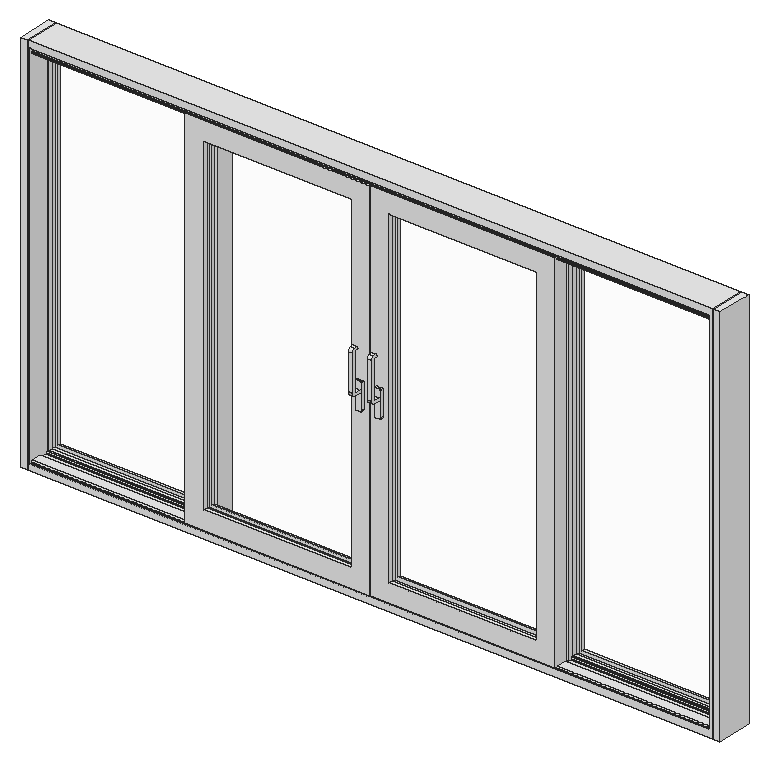
Revit family "heroal S 77 SL Sliding Door - 4-Parts - C", category Türen, Revit 2017
Family settings
  Basisbauteil = Wand
  OmniClass-Nummer = 23.30.10.00
  OmniClass-Titel = Doors
  Immer vertikal = Ja
  Beim Laden mit Abzugskörper schneiden = Nein
  Gemeinsam genutzt = Nein
  Raumberechnungspunkt = Ja
Parameters (values of type "4000x2200")
  Wind Load Resistance DIN EN 12210 = "C3/B3"
  Wall Thickness [instance] = 350 mm
  URL = "http://www.heroal.com"
  Tightness Against Driving Rain DIN EN 12208 = "9A"
  Soundproofing Class DIN EN ISO 717-1 = "1-3"
  Show Insulation in Detail Level Fine [instance] = yes
  Rough Width = Breite  # 4000 mm
  Rough Height = Height  # 2200 mm
  Reveal Top = 20 mm
  Reveal Right = 20 mm
  Reveal Left = 20 mm
  Profile View Width - Frame Profiles = "40 - 52mm"
  Profile View Width - Cross Bar Profiles = "74 - 104mm"
  Profile View Width - Casement Profiles = "104mm"
  Profile Installation Depth - Frame Profiles = "202mm"
  Profile Installation Depth - Cross Bar Profiles = "72mm"
  Profile Installation Depth - Casement Profiles = "77mm"
  Profile Area [instance] = (Breite - 20 mm) * (Height - 10 mm) - Glazing Area  # 1.90976 m²
  Modell = "heroal S 77 SL"  # constant formula
  Max. Thickness Of Glass/Infill Panel = "52mm"
  Max. Casement Weight = "300 - 400kg"
  Max. Casement Leaf Height = "3000mm"
  Hersteller = "heroal"  # constant formula
  Leaf Width Center = Breite / 4 + 52.5 mm  # 1052.5 mm
  Leaf Width = Breite / 4  # 1000 mm
  Insert Depth [instance] = 125 mm
  Height = 2200 mm
  Wandabschluss = Nach Basisbauteil
  Breite = 4000 mm
  Heat Insulation [Uw in W/m2K] DIN EN ISO 10077-1 = "> 0,82 W/m²K"
  Heat Insulation [Uf in W/m2K]/Standard Profile View DIN EN ISO 10077 = "> 1,2 W/m²K"
  Heat Insulation [Uf in W/m2K] DIN EN ISO 10077 = "> 1,2 W/m²K"
  Glazing Area [instance] = (Breite / 4 - 158 mm) * (Height - 318 mm) * 2 + (Breite / 4 - 124 mm) * (Height - 124 mm) * 2  # 6.80644 m²
  Glass = heroal Glass
  Edition number = 1
  Door Interior [instance] = heroal Aluminium
  Door Exterior [instance] = heroal Aluminium
  Beschreibung = "heroal S 77 SL Sliding Systems"  # constant formula
  Copyright = "© heroal. Technical changes reserved."  # constant formula
  Clearance Width [instance] = Breite / 3 - 104.3 mm  # 1229.033 mm
  Clearance Height [instance] = Height - 161 mm  # 2039 mm
  Calculated U-Value (W/m²K) [instance] = ((Profile Area / 1.00 m² * 1.96 m²) + (Glazing Area / 1.00 m² * 0.70 m²) + (21.70 m² * 0.04)) / (Profile Area + Glazing Area)  # 1.0757
  Burglary Resistance DIN V ENV 1627 = "up to RC 2"
  Baugruppenkennzeichen = "B2030110"
  Analytische Konstruktion = "<None>"
  Air Permeability DIN EN 12207 = "4"
Reference planes
  plane 1 "Center (Front/Back)": y = 0
  plane 2 "Axis 2": x = 850
  plane 3 "Left": x = -2150
  plane 4 "Right": x = 1850
  plane 5 "Sill": z = 0
  plane 6 "Head": z = 2200
  plane 7 "Exterior": y = 175
  plane 8 "Interior": y = -175
  plane 9: x = -2130
  plane 10: x = 1830
  plane 11 "Frame Exterior": y = 50
  plane 12: z = 2180
  plane 13 "Center (Elevation)": z = 1100
  plane 14 "Top Frame": z = 2190
  plane 15: z = -200
  plane 16: x = -2078
  plane 17 "Glass 1": x = -2094
  plane 18 "Glass 2": x = 816
  plane 19: x = 798
  plane 20: x = 902
  plane 21 "Glass 3": x = 886
  plane 22 "Glass Back 1": y = 35.5
  plane 23 "Glass Front 1": y = -4.5
  plane 24 "Glass Back 2": y = -89.5
  plane 25 "Glass Front 2": y = -129.5
  plane 26 "Glass Bottom": z = 130
  plane 27 "Glass Top": z = 2048
  plane 28 "Door Right": y = -75
  plane 29: x = 1785
  plane 30: x = -2085
  plane 31: x = 1350
  plane 32 "Handlle Edge": y = -152
  plane 33: z = 1050
  plane 34: x = -2140
  plane 35: x = 1840
  plane 36: x = -1650
  plane 37: x = 1794
  plane 38: x = -2100
  plane 39 "Axis 1": x = -1150
  plane 40: x = -1186
  plane 41: x = -1202
  plane 42: x = -1098
  plane 43: x = -1116
  plane 44 "Center (Left/Right)": x = -150
  plane 45: y = -252
  plane 46: x = 1800
  plane 47: x = 1778
  plane 48: x = -650
  plane 49: x = 350
  plane 50: x = -238.5
  plane 51: x = -256.5
  plane 52: x = -61.5
  plane 53: x = -43.5
  plane 54: x = -623.75
  plane 55: x = 323.75
  plane 56: x = -96
  plane 57: x = -204
Forms (mm)
  Extrusion 1, void
    sketch origin (0, 0, 0) x (1, 0, 0) y (0, 1, 0)
      loop
        line (-2150, -675) -> (1850, -675) -> (1850, 50) -> (-2150, 50) -> (-2150, -675)
    from -200 to 2200
  Extrusion 2, void
    sketch origin (0, 0, 0) x (1, 0, 0) y (0, 1, 0)
      loop
        line (-2130, 675) -> (-2130, 50) -> (1830, 50) -> (1830, 675) -> (-2130, 675)
    from 0 to 2180
  Sweep 3, solid, material "heroal Aluminium" <- "Door Interior"
    path origin (0, 50, 0) x (-1, 0, 0) y (0, 0, 1)
      loop
        line (-1850, 0) -> (-1850, 2190)
    profile "heroal_Profile_Frame : heroal_Profile_Frame" origin (1850, 50, 1095) x (1, 0, 0) y (0, 1, 0)
      loop
        line (-10, 0) -> (-50, 0) -> (-50, -202) -> (-10, -202) -> (-10, 0)
  Sweep 4, solid, material "heroal Aluminium" <- "Door Interior"
    path origin (0, 0, 0) x (0, -1, 0) y (1, 0, 0)
      loop
        line (-50, 850) -> (-50, 1800)
    profile "heroal_Profile_Bottom_Fixed : heroal_Profile_Bottom_Fixed" origin (1325, 50, 0) x (0, 1, 0) y (0, 0, 1)
      loop
        line (0, 30) -> (-77.125, 30) -> (-77.125, 52) -> (-89.589, 52) -> (-92.455, 44.125) -> (-92.49, 37.191) -> (-118.797, 38.8) -> (-132.5, 38.8) -> (-132.5, 43.868) -> (-135.409, 52) -> (-191.088, 52) -> (-193.955, 44.124) -> (-193.955, 39) -> (-202, 39) -> (-202, 0) -> (0, 0) -> (0, 30)
  Sweep 5, solid, material "heroal Aluminium" <- "Door Interior"
    path origin (0, 50, 0) x (-1, 0, 0) y (0, 0, 1)
      loop
        line (2150, 2155) -> (2150, 0)
    profile "heroal_Profile_Sided_Cover : heroal_Profile_Sided_Cover" origin (-2150, 50, 1077.5) x (-1, 0, 0) y (0, 1, 0)
      loop
        line (-65, -81) -> (-65, -202) -> (-50, -202) -> (-50, -81) -> (-65, -81)
  Sweep 6, solid, material "heroal Aluminium" <- "Door Interior"
    path origin (0, 50, 0) x (1, 0, 0) y (0, 0, 1)
      loop
        line (1850, 2155) -> (1850, 0)
    profile "heroal_Profile_Sided_Cover : heroal_Profile_Sided_Cover" origin (1850, 50, 1077.5) x (-1, 0, 0) y (0, 1, 0)
      loop
        line (65, -81) -> (50, -81) -> (50, -202) -> (65, -202) -> (65, -81)
  Sweep 7, solid, material "heroal Aluminium" <- "Door Interior"
    path origin (0, 50, 0) x (1, 0, 0) y (0, 0, 1)
      loop
        line (-2150, 0) -> (-2150, 2190)
    profile "heroal_Profile_Frame : heroal_Profile_Frame" origin (-2150, 50, 1095) x (1, 0, 0) y (0, 1, 0)
      loop
        line (10, 0) -> (10, -202) -> (50, -202) -> (50, 0) -> (10, 0)
  Sweep 8, solid, material "heroal Aluminium" <- "Door Interior"
    path origin (0, 50, 0) x (-1, 0, 0) y (0, 0, 1)
      loop
        line (-1800, 2200) -> (-850, 2200)
    profile "heroal_Profile_Frame_Top_Fixed : heroal_Profile_Frame_Top_Fixed" origin (1325, 50, 2200) x (0, 0, 1) y (0, 1, 0)
      loop
        line (-10, 0) -> (-50, 0) -> (-50, -77) -> (-37, -77) -> (-37, -148) -> (-73, -148) -> (-73, -194.288) -> (-68.168, -193.436) -> (-64.279, -186.7) -> (-45, -186.7) -> (-45, -202) -> (-10, -202) -> (-10, 0)
  Sweep 9, solid, material "heroal Aluminium" <- "Door Interior"
    path origin (-1220, 0, 0) x (0, -1, 0) y (1, 0, 0)
      loop
        line (-50, 70) -> (-50, 2070)
    profile "heroal_Profile_Bottom : heroal_Profile_Bottom" origin (-150, 50, 0) x (0, 1, 0) y (0, 0, 1)
      loop
        line (-135.409, 52) -> (-191.088, 52) -> (-193.955, 44.124) -> (-193.955, 39) -> (-202, 39) -> (-202, 0) -> (0, 0) -> (0, 52) -> (-108.409, 52) -> (-109.252, 38.216) -> (-118.797, 38.8) -> (-132.5, 38.8) -> (-132.5, 43.868) -> (-135.409, 52)
  Sweep 10, solid, material "heroal Aluminium" <- "Door Interior"
    path origin (-540, 50, 0) x (-1, 0, 0) y (0, 0, 1)
      loop
        line (-1390, 2200) -> (610, 2200)
    profile "heroal_Profile_Frame_Top : heroal_Profile_Frame_Top" origin (-150, 50, 2200) x (0, 0, 1) y (0, 1, 0)
      loop
        line (-10, 0) -> (-109, 0) -> (-109, -77) -> (-37, -77) -> (-37, -148) -> (-73, -148) -> (-73, -194.288) -> (-68.168, -193.436) -> (-64.279, -186.7) -> (-45, -186.7) -> (-45, -202) -> (-10, -202) -> (-10, 0)
  Sweep 11, solid, material "heroal Aluminium" <- "Door Interior"
    path origin (0, 50, 0) x (-1, 0, 0) y (0, 0, 1)
      loop
        line (-850, 2180) -> (-850, 0)
    profile "heroal_Profile_Center : heroal_Profile_Center" origin (850, 50, 1090) x (-1, 0, 0) y (0, 1, 0)
      loop
        line (-25, 0) -> (-25, -77) -> (-52, -77) -> (-52, -101) -> (52, -101) -> (52, 0) -> (-25, 0)
  Sweep 12, solid, material "heroal Aluminium" <- "Door Interior"
    path origin (-1200, 50, 0) x (1, 0, 0) y (0, 0, 1)
      loop
        line (50, 2180) -> (50, 0)
    profile "heroal_Profile_Center : heroal_Profile_Center" origin (-1150, 50, 1090) x (-1, 0, 0) y (0, 1, 0)
      loop
        line (25, 0) -> (-52, 0) -> (-52, -101) -> (52, -101) -> (52, -77) -> (25, -77) -> (25, 0)
  Sweep 13, solid, material "heroal Aluminium" <- "Door Interior"
    path origin (-300, 50, 0) x (1, 0, 0) y (0, 0, 1)
      loop
        line (-1800, 2200) -> (-850, 2200)
    profile "heroal_Profile_Frame_Top_Fixed : heroal_Profile_Frame_Top_Fixed" origin (-1625, 50, 2200) x (0, 0, -1) y (0, 1, 0)
      loop
        line (10, 0) -> (10, -202) -> (45, -202) -> (45, -186.7) -> (64.279, -186.7) -> (68.168, -193.436) -> (73, -194.288) -> (73, -148) -> (37, -148) -> (37, -77) -> (50, -77) -> (50, 0) -> (10, 0)
  Sweep 14, solid, material "heroal Aluminium" <- "Door Interior"
    path origin (-300, 0, 0) x (0, -1, 0) y (-1, 0, 0)
      loop
        line (-50, 850) -> (-50, 1800)
    profile "heroal_Profile_Bottom_Fixed : heroal_Profile_Bottom_Fixed" origin (-1625, 50, 0) x (0, -1, 0) y (0, 0, 1)
      loop
        line (0, 30) -> (0, 0) -> (202, 0) -> (202, 39) -> (193.955, 39) -> (193.955, 44.124) -> (191.088, 52) -> (135.409, 52) -> (132.5, 43.868) -> (132.5, 38.8) -> (118.797, 38.8) -> (92.49, 37.191) -> (92.455, 44.125) -> (89.589, 52) -> (77.125, 52) -> (77.125, 30) -> (0, 30)
Cuts and joins
  joined: Sweep 4, Sweep 5, Sweep 6, Sweep 8, Sweep 9, Sweep 10, Sweep 11, Sweep 12, Sweep 13, Sweep 14
Lines and regions (mm)
  Masking region 1
    outline origin (0, 0, 0) x (0, -1, 0) y (1, 0, 0)
      loop
        line (-35.5, -2094) -> (4.5, -2094) -> (4.5, -1186) -> (-35.5, -1186) -> (-35.5, -2094)
      loop
        line (-35.5, 886) -> (4.5, 886) -> (4.5, 1794) -> (-35.5, 1794) -> (-35.5, 886)
      loop
        line (89.5, 816) -> (89.5, -61.5) -> (129.5, -61.5) -> (129.5, 816) -> (89.5, 816)
      loop
        line (129.5, -1116) -> (129.5, -238.5) -> (89.5, -238.5) -> (89.5, -1116) -> (129.5, -1116)
  Masking region 2
    outline origin (0, 0, 0) x (0, -1, 0) y (1, 0, 0)
      loop
        line (152, 902) -> (152, 1794) -> (27, 1794) -> (27, 902) -> (152, 902)
      loop
        line (75, -1098) -> (75, 798) -> (-50, 798) -> (-50, -1098) -> (75, -1098)
      loop
        line (152, -1202) -> (27, -1202) -> (27, -2085) -> (152, -2085) -> (152, -1202)
  symbolic lines, detail levels medium+fine
    curve 1: line (-1116, -109.5, 0) -> (-238.5, -109.5, 0)
    curve 2: line (1794, 15.5, 0) -> (886, 15.5, 0)
    curve 5: line (-1100, -152, 0) -> (800, -152, 0)
    curve 7: line (-2094, 15.5, 0) -> (-1186, 15.5, 0)
    curve 8: line (-61.5, -109.5, 0) -> (816, -109.5, 0)
  symbolic lines
    curve 3: line (900, -152, 0) -> (1693, -152, 0)
    curve 4: line (798, 50, 0) -> (-2078, 50, 0)
    curve 6: line (-1202, -152, 0) -> (-2078, -152, 0)
Text (mm)
  text "EXTERIOR" at (-1963.203, 1332.353, 0), in view "Ref. Level"
  text "INTERIOR" at (-1981.466, -818.386, 0), in view "Ref. Level"
  text "Exterior" at (0, 923.751, 2943.296), in view "Right"
  text "Exterior" at (0, 1040.484, 2685.409), in view "Left"
Dimensions and locks
  "Breite": plane 3 "Left" to plane 4 "Right"
  "Height": plane 5 "Sill" to plane 6 "Head"
  locked: plane 7 "Exterior" to host wall at 0
  locked: plane 8 "Interior" to host wall
  "Insert Depth": plane 11 "Frame Exterior" to plane 7 "Exterior"
  "Reveal Top": plane 12 to plane 6 "Head"
  Extrusion 1 sketch curve to plane 8 "Interior" = 500 mm
  locked: plane 7 "Exterior" to Extrusion 2 sketch curve at 500
  "Reveal Left": plane 3 "Left" to plane 9
  "Reveal Right": plane 10 to plane 4 "Right"
  locked: plane 14 "Top Frame" to plane 6 "Head" at 10
  equal spacing: plane 5 "Sill", plane 13 "Center (Elevation)", plane 6 "Head"
  "Wall Thickness": host wall to host wall
  plane 15 to plane 5 "Sill" = 200 mm
  plane 11 "Frame Exterior" to plane 22 "Glass Back 1" to plane 23 "Glass Front 1" to plane 24 "Glass Back 2" to plane 25 "Glass Front 2" to plane 32 "Handlle Edge" = 14.5 mm, 40 mm, 85 mm, 40 mm, 22.5 mm
  locked: plane 22 "Glass Back 1" to curve 2 at 20
  plane 28 "Door Right" to plane 24 "Glass Back 2" to curve 1 = 14.5 mm locked, 20 mm locked
  locked: plane 27 "Glass Top" to plane 6 "Head" at 152
  plane 5 "Sill" to plane 26 "Glass Bottom" = 130 mm
  locked: plane 33 to plane 5 "Sill" at 1050
  locked: plane 3 "Left" to plane 34 at 10
  locked: plane 35 to plane 4 "Right" at 10
  plane 45 to Sweep 3 = 100 mm
  equal spacing: plane 3 "Left", plane 44 "Center (Left/Right)", plane 4 "Right"
  equal spacing: plane 3 "Left", plane 36, plane 39 "Axis 1"
  equal spacing: plane 2 "Axis 2", plane 31, plane 4 "Right"
  plane 3 "Left" to plane 38 to plane 17 "Glass 1" to plane 30 to plane 16 = 50 mm locked, 6 mm locked, 9 mm locked, 7 mm locked
  plane 47 to plane 29 to plane 37 to plane 46 to plane 4 "Right" = 7 mm locked, 9 mm locked, 6 mm locked, 50 mm locked
  plane 19 to plane 18 "Glass 2" to plane 2 "Axis 2" to plane 21 "Glass 3" to plane 20 = 18 mm locked, 34 mm locked, 36 mm locked, 16 mm locked
  plane 41 to plane 40 to plane 39 "Axis 1" to plane 43 to plane 42 = 16 mm locked, 36 mm locked, 34 mm locked, 18 mm locked
  equal spacing: plane 3 "Left", plane 39 "Axis 1", plane 44 "Center (Left/Right)"
  equal spacing: plane 44 "Center (Left/Right)", plane 2 "Axis 2", plane 4 "Right"
  equal spacing: plane 39 "Axis 1", plane 48, plane 44 "Center (Left/Right)"
  equal spacing: plane 44 "Center (Left/Right)", plane 49, plane 2 "Axis 2"
  plane 51 to plane 50 to plane 57 to plane 44 "Center (Left/Right)" to plane 56 to plane 52 to plane 53 = 18 mm locked, 34.5 mm locked, 54 mm locked, 54 mm locked, 34.5 mm locked, 18 mm locked
  locked: plane 48 to plane 54 at 26.25
  locked: plane 55 to plane 49 at 26.25
  aligned and locked: Extrusion 1 sketch curve to plane 3 "Left"
  aligned and locked: plane 4 "Right" to Extrusion 1 sketch curve
  aligned and locked: Extrusion 1 sketch curve to plane 11 "Frame Exterior"
  aligned: Extrusion 1 to plane 12
  aligned and locked: plane 11 "Frame Exterior" to Extrusion 2 sketch curve
  aligned and locked: plane 9 to Extrusion 2 sketch curve
  aligned and locked: Extrusion 2 sketch curve to plane 10
  aligned and locked: Extrusion 2 to plane 12
  aligned and locked: plane 5 "Sill" to Extrusion 2
  aligned and locked: Extrusion 1 to plane 6 "Head"
  aligned and locked: plane 4 "Right" to Sweep 3 sketch curve
  aligned and locked: Masking region 1 sketch curve to plane 22 "Glass Back 1"
  aligned and locked: Masking region 1 sketch curve to plane 23 "Glass Front 1"  (x2)
  aligned and locked: plane 11 "Frame Exterior" to Sweep 4 sketch curve
  aligned and locked: nested 1 to plane 31
  aligned and locked: nested 1 to plane 13 "Center (Elevation)"
  aligned and locked: plane 5 "Sill" to Sweep 5 sketch curve
  aligned and locked: plane 3 "Left" to Sweep 5 sketch curve
  aligned and locked: nested 3 to plane 32 "Handlle Edge"
  aligned and locked: plane 33 to nested 3
  aligned and locked: plane 5 "Sill" to Sweep 3 sketch curve
  aligned and locked: plane 5 "Sill" to Sweep 7 sketch curve
  aligned and locked: plane 14 "Top Frame" to Sweep 7 sketch curve
  aligned and locked: plane 14 "Top Frame" to Sweep 3 sketch curve
  aligned and locked: plane 6 "Head" to Sweep 8 sketch curve
  aligned and locked: plane 2 "Axis 2" to Sweep 8 sketch curve
  aligned and locked: plane 2 "Axis 2" to Sweep 10 sketch curve
  aligned and locked: plane 2 "Axis 2" to Sweep 9 sketch curve
  aligned and locked: plane 2 "Axis 2" to Sweep 4 sketch curve
  aligned and locked: plane 12 to Sweep 11 sketch curve
  aligned and locked: plane 5 "Sill" to Sweep 11 sketch curve
  aligned and locked: Sweep 11 sketch curve to plane 2 "Axis 2"
  aligned and locked: Sweep 12 sketch curve to plane 12
  aligned and locked: plane 5 "Sill" to Sweep 12 sketch curve
  aligned and locked: plane 39 "Axis 1" to Sweep 12 sketch curve
  aligned and locked: nested 6 to plane 36
  aligned and locked: nested 6 to plane 13 "Center (Elevation)"
  aligned and locked: nested 7 to plane 13 "Center (Elevation)"
  aligned and locked: plane 45 to nested 2
  aligned and locked: plane 39 "Axis 1" to Sweep 10 sketch curve
  aligned and locked: plane 39 "Axis 1" to Sweep 9 sketch curve
  aligned and locked: plane 38 to Sweep 13 sketch curve
  aligned and locked: plane 39 "Axis 1" to Sweep 13 sketch curve
  aligned and locked: plane 38 to Sweep 14 sketch curve
  aligned and locked: plane 39 "Axis 1" to Sweep 14 sketch curve
  aligned and locked: plane 3 "Left" to nested 8
  aligned and locked: plane 11 "Frame Exterior" to nested 8
  aligned and locked: plane 4 "Right" to nested 9
  aligned and locked: nested 9 to plane 11 "Frame Exterior"
  aligned and locked: plane 22 "Glass Back 1" to Masking region 1 sketch curve
  aligned and locked: plane 21 "Glass 3" to Masking region 1 sketch curve
  aligned and locked: plane 19 to Masking region 2 sketch curve
  aligned and locked: Masking region 2 sketch curve to plane 20
  aligned and locked: plane 37 to Masking region 2 sketch curve
  aligned and locked: Masking region 2 sketch curve to plane 41
  aligned and locked: plane 30 to Masking region 2 sketch curve
  aligned and locked: Masking region 1 sketch curve to plane 37
  aligned and locked: plane 2 "Axis 2" to nested 10
  aligned and locked: nested 10 to plane 11 "Frame Exterior"
  aligned and locked: nested 11 to plane 39 "Axis 1"
  aligned and locked: plane 11 "Frame Exterior" to nested 11
  aligned and locked: plane 37 to curve 2
  aligned and locked: nested 10 to curve 2
  aligned and locked: nested 8 to curve 7
  aligned and locked: nested 11 to curve 7
  aligned and locked: plane 17 "Glass 1" to Masking region 1 sketch curve
  aligned and locked: Masking region 1 sketch curve to plane 40
  aligned and locked: plane 18 "Glass 2" to Masking region 1 sketch curve
  aligned and locked: Masking region 1 sketch curve to plane 43
  aligned and locked: nested 10 to curve 8
  aligned and locked: curve 7 to curve 2
  aligned and locked: plane 36 to nested 4
  aligned and locked: plane 31 to nested 12
  aligned and locked: plane 11 "Frame Exterior" to nested 12
  aligned and locked: nested 4 to plane 11 "Frame Exterior"
  aligned and locked: nested 5 to plane 28 "Door Right"
  aligned and locked: Sweep 5 sketch curve to Sweep 13
  aligned and locked: Sweep 8 to Sweep 6 sketch curve
  aligned and locked: plane 46 to Sweep 8 sketch curve
  aligned and locked: plane 46 to Sweep 4 sketch curve
  aligned and locked: plane 5 "Sill" to Sweep 6 sketch curve
  aligned and locked: nested 11 to curve 5
  aligned and locked: nested 10 to curve 5
  aligned and locked: curve 5 to plane 32 "Handlle Edge"
  aligned and locked: plane 28 "Door Right" to nested 13
  aligned and locked: Masking region 1 sketch curve to plane 50
  aligned and locked: Masking region 1 sketch curve to plane 52
  aligned and locked: plane 24 "Glass Back 2" to Masking region 1 sketch curve  (x2)
  aligned and locked: Masking region 1 sketch curve to plane 25 "Glass Front 2"  (x2)
  aligned and locked: Masking region 1 to curve 8
  aligned and locked: Masking region 1 to curve 1
  aligned and locked: nested 14 to plane 44 "Center (Left/Right)"
  aligned and locked: nested 14 to plane 28 "Door Right"
  aligned and locked: plane 48 to nested 2
  aligned and locked: plane 45 to nested 15
  aligned and locked: nested 15 to plane 49
  aligned and locked: nested 5 to plane 55
  aligned and locked: nested 7 to plane 49
  aligned and locked: plane 48 to nested 17
  aligned and locked: nested 16 to nested 18
  aligned and locked: nested 3 to nested 16
  aligned and locked: nested 3 to plane 56
  aligned and locked: nested 18 to plane 57
  aligned and locked: plane 13 "Center (Elevation)" to nested 17
Automatic sketch dimensions
  plane 4 "Right" to Sweep 6 sketch curve = 0 mm
  plane 3 "Left" to Sweep 7 sketch curve = 0 mm
  Sweep 9 sketch curve to plane 11 "Frame Exterior" = 0 mm
  Sweep 14 sketch curve to plane 11 "Frame Exterior" = 0 mm
  Masking region 2 sketch curve to plane 42 = 0 mm
  plane 11 "Frame Exterior" to Masking region 2 sketch curve = 0 mm
  plane 23 "Glass Front 1" to Masking region 2 sketch curve = 22.5 mm  (x2)
  plane 28 "Door Right" to Masking region 2 sketch curve = 0 mm
  plane 32 "Handlle Edge" to Masking region 2 sketch curve = 0 mm  (x2)
  Sweep 10 sketch curve to plane 6 "Head" = 0 mm
  Sweep 13 sketch curve to plane 6 "Head" = 0 mm
  curve 4 to plane 16 = 0 mm
  curve 4 to plane 11 "Frame Exterior" = 0 mm
  curve 6 to plane 32 "Handlle Edge" = 0 mm  (x2)
  curve 1 to plane 43 = 0 mm
  curve 4 to plane 19 = 0 mm
  plane 11 "Frame Exterior" to curve 4 = 0 mm
  curve 8 to plane 24 "Glass Back 2" = 20 mm
  plane 32 "Handlle Edge" to curve 3 = 0 mm
  plane 16 to curve 6 = 0 mm
  curve 6 to plane 41 = 0 mm
  curve 3 to plane 20 = 2 mm
  curve 3 to plane 47 = 85 mm
Nested families
  nested 1: "heroal_Detail_Arrow" at (1350, 50, 1100) x (1, 0, 0) z (0, 1, 0), type "heroal_Detail_Arrow"
    with Fixed yes, Arrow no
  nested 2: "heroal_Detail_Arrow" at (-650, -252, 0) x (1, 0, 0) z (0, 0, -1), type "heroal_Detail_Arrow"
    with Fixed no, Arrow yes
  nested 3: "heroal_Handle" at (-96, -152, 1050), type "heroal_Handle"
  nested 4: "Leaf" at (-1650, 50, 0), Breite <- "Leaf Width", Height <- "Height", Door Exterior <- "Door Exterior", Door Interior <- "Door Interior", Glass <- "Glass", Show Insulation <- "Show Insulation in Detail Level Fine", type "Leaf"
    with Breite 1000 mm, Show Insulation yes, Interior no, Height 2200 mm, Glass heroal Glass, Fixed Glazing yes, Exterior yes, Door Interior heroal Aluminium, Door Exterior heroal Aluminium, Door no
  nested 5: "Leaf" at (323.75, -152, 0), Breite <- "Leaf Width Center", Height <- "Height", Door Exterior <- "Door Exterior", Door Interior <- "Door Interior", Glass <- "Glass", Show Insulation <- "Show Insulation in Detail Level Fine", type "Leaf"
    with Breite 1052.5 mm, Show Insulation yes, Interior yes, Height 2200 mm, Glass heroal Glass, Fixed Glazing no, Exterior no, Door Interior heroal Aluminium, Door Exterior heroal Aluminium, Door yes
  nested 6: "heroal_Detail_Arrow" at (-1650, 50, 1100) x (-1, 0, 0) z (0, 1, 0), type "heroal_Detail_Arrow"
    with Fixed yes, Arrow no
  nested 7: "heroal_Detail_Arrow" at (350, 50, 1100) x (-1, 0, 0) z (0, 1, 0), type "heroal_Detail_Arrow"
    with Fixed no, Arrow yes
  nested 8: "heroal_Detail_Frame_Left" at (-2150, 50, 0) x (1, 0, 0) z (0, 0, -1), type "heroal_Detail_Frame_Left"
  nested 9: "heroal_Detail_Frame_Left" at (1850, 50, 0) x (-1, 0, 0) z (0, 0, -1), type "heroal_Detail_Frame_Left"
  nested 10: "heroal_Detail_Frame_Center" at (850, 50, 0) x (-1, 0, 0) z (0, 0, -1), type "heroal_Detail_Frame_Center"
  nested 11: "heroal_Detail_Frame_Center" at (-1150, 50, 0) x (1, 0, 0) z (0, 0, -1), type "heroal_Detail_Frame_Center"
  nested 12: "Leaf" at (1350, 50, 0) x (-1, 0, 0) z (0, 0, 1), Breite <- "Leaf Width", Height <- "Height", Door Exterior <- "Door Exterior", Door Interior <- "Door Interior", Glass <- "Glass", Show Insulation <- "Show Insulation in Detail Level Fine", type "Leaf"
    with Breite 1000 mm, Show Insulation yes, Interior no, Height 2200 mm, Glass heroal Glass, Fixed Glazing yes, Exterior yes, Door Interior heroal Aluminium, Door Exterior heroal Aluminium, Door no
  nested 13: "heroal_Detail_Frame_Leaf" at (-204.5, -75, 0) x (1, 0, 0) z (0, 0, -1), type "heroal_Detail_Frame_Leaf"
  nested 14: "heroal_Detail_Frame_Leaf" at (-95.5, -75, 0) x (-1, 0, 0) z (0, 0, -1), type "heroal_Detail_Frame_Leaf"
  nested 15: "heroal_Detail_Arrow" at (350, -252, 0) x (-1, 0, 0) z (0, 0, -1), type "heroal_Detail_Arrow"
    with Fixed no, Arrow yes
  nested 16: "Leaf" at (-623.75, -152, 0) x (-1, 0, 0) z (0, 0, 1), Breite <- "Leaf Width Center", Height <- "Height", Door Exterior <- "Door Exterior", Door Interior <- "Door Interior", Glass <- "Glass", Show Insulation <- "Show Insulation in Detail Level Fine", type "Leaf"
    with Breite 1052.5 mm, Show Insulation yes, Interior yes, Height 2200 mm, Glass heroal Glass, Fixed Glazing no, Exterior no, Door Interior heroal Aluminium, Door Exterior heroal Aluminium, Door yes
  nested 17: "heroal_Detail_Arrow" at (-650, 50, 1100) x (1, 0, 0) z (0, 1, 0), type "heroal_Detail_Arrow"
    with Fixed no, Arrow yes
  nested 18: "heroal_Handle" at (-204, -152, 1050) x (-1, 0, 0) z (0, 0, 1), type "heroal_Handle"
Definition of nested family "heroal_Handle"
  Parameters (values of type "heroal_Handle")
    Assembly Code = ""
  Reference planes
    plane 1 "Center (Front/Back)": y = 0
    plane 2: z = 0
    plane 3 "Center (Left/Right)": x = 0
    plane 4 "Back": y = 77
  Forms (mm)
    Sweep 1, solid
      path origin (0, 0, 0) x (0, 1, 0) y (0, 0, -1)
        loop
          line (-6.292, -24.205) -> (-52.748, -28.27)
          arc (-52.748, -28.27) -> (-59.25, -31.476) -> (-61.877, -38.232) r 10
          line (-61.877, -38.232) -> (-61.877, -245.611)
          arc (-61.877, -245.611) -> (-59.81, -251.699) -> (-54.465, -255.271) r 10
          line (-54.465, -255.271) -> (-37.933, -259.7)
      profile origin (0, -46.199, 257.486) x (0, 0.258819, -0.965926) y (-1, 0, 0)
        loop
          line (7.5, -11.552) -> (7.5, 11.552) -> (-7.5, 11.552) -> (-7.5, -11.552) -> (7.5, -11.552)
    Extrusion 2, solid
      sketch origin (-132.182, 0, 0) x (1, 0, 0) y (0, 0, 1)
        loop
          arc (143.932, -76) -> (147.467, -74.536) -> (148.932, -71) r 5
          line (148.932, -71) -> (148.932, 71)
          arc (148.932, 71) -> (147.467, 74.536) -> (143.932, 76) r 5
          line (143.932, 76) -> (120.432, 76)
          arc (120.432, 76) -> (116.896, 74.536) -> (115.432, 71) r 5
          line (115.432, 71) -> (115.432, -71)
          arc (115.432, -71) -> (116.896, -74.536) -> (120.432, -76) r 5
          line (120.432, -76) -> (143.932, -76)
      from 0 to 14
    Extrusion 3, solid, detail levels medium+fine
      sketch origin (0, 77, 24.491) x (-1, 0, 0) y (0, 0, 1)
        loop
          arc (21, 50) -> (19.536, 53.536) -> (16, 55) r 5
          line (16, 55) -> (-16, 55)
          arc (-16, 55) -> (-19.536, 53.536) -> (-21, 50) r 5
          line (-21, 50) -> (-21, -98.983)
          arc (-21, -98.983) -> (-19.536, -102.518) -> (-16, -103.983) r 5
          line (-16, -103.983) -> (16, -103.983)
          arc (16, -103.983) -> (19.536, -102.518) -> (21, -98.983) r 5
          line (21, -98.983) -> (21, 50)
        loop
          line (-6.5, -37.457) -> (6.5, -37.457)
          arc (6.5, -37.457) -> (11.066, -35.566) -> (12.957, -31) r 6.457
          line (12.957, -31) -> (12.957, 31)
          arc (12.957, 31) -> (11.066, 35.566) -> (6.5, 37.457) r 6.457
          line (6.5, 37.457) -> (-6.5, 37.457)
          arc (-6.5, 37.457) -> (-11.066, 35.566) -> (-12.957, 31) r 6.457
          line (-12.957, 31) -> (-12.957, -31)
          arc (-12.957, -31) -> (-11.066, -35.566) -> (-6.5, -37.457) r 6.457
      from 0 to 3
    Extrusion 4, solid, detail levels medium+fine
      sketch origin (0, 77, 24.491) x (-1, 0, 0) y (0, 0, 1)
        loop
          line (-6.5, -37.457) -> (6.5, -37.457)
          arc (6.5, -37.457) -> (11.066, -35.566) -> (12.957, -31) r 6.457
          line (12.957, -31) -> (12.957, 31)
          arc (12.957, 31) -> (11.066, 35.566) -> (6.5, 37.457) r 6.457
          line (6.5, 37.457) -> (-6.5, 37.457)
          arc (-6.5, 37.457) -> (-11.066, 35.566) -> (-12.957, 31) r 6.457
          line (-12.957, 31) -> (-12.957, -31)
          arc (-12.957, -31) -> (-11.066, -35.566) -> (-6.5, -37.457) r 6.457
      from 0 to 1.5
  Cuts and joins
    joined: Sweep 1, Extrusion 2
  Lines and regions (mm)
    Masking region 1, detail levels medium+fine
      outline origin (-0.75, 0, 0) x (1, 0, 0) y (0, 1, 0)
        loop
          line (17.5, 0) -> (-16, 0) -> (-16, -14) -> (17.5, -14) -> (17.5, 0)
    Masking region 2, detail levels medium+fine
      outline origin (4.448, -14, 0) x (1, 0, 0) y (0, 1, 0)
        loop
          line (7.105, 0) -> (-16, 0) -> (-16, -50.352)
          arc (-16, -50.352) -> (-14.536, -53.887) -> (-11, -55.352) r 5
          line (-11, -55.352) -> (2.105, -55.352)
          arc (2.105, -55.352) -> (5.64, -53.887) -> (7.105, -50.352) r 5
          line (7.105, -50.352) -> (7.105, 0)
    symbolic lines, detail levels medium+fine
      curve 1: line (11.552, -39.875, 0) -> (-11.552, -39.875, 0)
      curve 2: line (11.552, -35.992, 0) -> (-11.552, -35.992, 0)
  Dimensions and locks
    aligned and locked: level to plane 2
Definition of nested family "Leaf"
  Parameters (values of type "Leaf")
    Width [instance] = 1500 mm
    Show Insulation [instance] = no
    Interior [instance] = yes
    Height [instance] = 2200 mm
    Glass [instance] = none
    Fixed Glazing [instance] = not(Door)  # yes
    Exterior [instance] = yes
    Door Interior [instance] = none
    Door Exterior [instance] = none
    Door [instance] = no
    Assembly Code = ""
    Analytic Construction = "<None>"
  Reference planes
    plane 1 "Back": y = 0
    plane 2 "Bottom": z = 0
    plane 3 "Center (Left/Right)": x = 0
    plane 4 "Left": x = -750
    plane 5 "Right": x = 750
    plane 6: z = 2200
    plane 7: z = 130
    plane 8: z = 2048
    plane 9: x = -609
    plane 10: x = 716
    plane 11: z = -22
    plane 12: z = 44
    plane 13: z = 2134
    plane 14: y = -77
    plane 15 "Fixed Left": x = -694
    plane 16 "Fixed Top": z = 2144
    plane 17 "Fixed Bottom": z = 36
  Forms (mm)
    Sweep 1, solid, material <- "Door Interior", visible <- "Door"
      path origin (0, 0, 0) x (1, 0, 0) y (0, 0, 1)
        loop
          line (-609, 2048) -> (-609, 130) -> (716, 130) -> (716, 2048) -> (-609, 2048)
      profile "heroal_Profile_Leaf : heroal_Profile_Leaf" origin (-609, 0, 1089) x (1, 0, 0) y (0, -1, 0)
        loop
          line (-86, 77) -> (-86, 0) -> (18, 0) -> (18, 22.5) -> (0, 22.5) -> (0, 62.5) -> (18, 62.5) -> (18, 77) -> (-86, 77)
    Extrusion 2, solid, material <- "Glass", visible <- "Door"
      sketch origin (0, 0, 0) x (1, 0, 0) y (0, 0, 1)
        loop
          line (-609, 2048) -> (-609, 130) -> (716, 130) -> (716, 2048) -> (-609, 2048)
      from 22.5 to 62.5
    Sweep 3, solid, material <- "Door Interior", visible <- "Fixed Glazing"
      path origin (0, 0, 0) x (1, 0, 0) y (0, 0, 1)
        loop
          line (-694, 2144) -> (-694, 36) -> (714, 36) -> (714, 2144) -> (-694, 2144)
      profile "heroal_Profile_Leaf_Fixed : heroal_Profile_Leaf_Fixed" origin (-694, 0, 1090) x (1, 0, 0) y (0, -1, 0)
        loop
          line (16, 0) -> (16, 14.5) -> (0, 14.5) -> (0, 54.5) -> (16, 54.5) -> (16, 77) -> (-6, 77) -> (-6, 0) -> (16, 0)
    Extrusion 4, solid, material <- "Glass", visible <- "Fixed Glazing"
      sketch origin (0, 0, 0) x (1, 0, 0) y (0, 0, 1)
        loop
          line (-694, 2144) -> (-694, 36) -> (714, 36) -> (714, 2144) -> (-694, 2144)
      from 14.5 to 54.5
  Lines and regions (mm)
    symbolic lines, visible <- "Fixed Glazing", detail levels medium+fine
      curve 1: line (0, -34.5, 2144) -> (0, -34.5, 36)
    symbolic lines, visible <- "Door", detail levels medium+fine
      curve 2: line (0, -42.5, 2048) -> (0, -42.5, 130)
  Dimensions and locks
    equal spacing: plane 4 "Left", plane 3 "Center (Left/Right)", plane 5 "Right"
    "Width": plane 4 "Left" to plane 5 "Right"
    "Height": plane 6 to plane 2 "Bottom"
    locked: plane 7 to plane 2 "Bottom" at 130
    locked: plane 6 to plane 8 at 152
    locked: plane 4 "Left" to plane 9 at 141
    locked: plane 10 to plane 5 "Right" at 34
    locked: plane 2 "Bottom" to plane 11 at 22
    locked: plane 12 to plane 11 at 66
    locked: plane 6 to plane 13 at 66
    locked: plane 1 "Back" to plane 14 at 77
    locked: plane 4 "Left" to plane 15 "Fixed Left" at 56
    locked: plane 10 to Sweep 3 sketch curve at 2
    locked: plane 10 to Extrusion 4 sketch curve at 2
    locked: plane 6 to plane 16 "Fixed Top" at 56
    locked: plane 17 "Fixed Bottom" to plane 2 "Bottom" at 36
    aligned and locked: level to plane 2 "Bottom"
    aligned and locked: Sweep 1 sketch curve to plane 9
    aligned and locked: Sweep 1 sketch curve to plane 8
    aligned and locked: Sweep 1 sketch curve to plane 10
    aligned and locked: Sweep 1 sketch curve to plane 7
    aligned and locked: Extrusion 2 sketch curve to plane 8
    aligned and locked: plane 9 to Extrusion 2 sketch curve
    aligned and locked: plane 7 to Extrusion 2 sketch curve
    aligned and locked: nested 1 to plane 6
    aligned and locked: nested 1 to plane 1 "Back"
    aligned and locked: nested 2 to plane 2 "Bottom"
    aligned and locked: plane 1 "Back" to nested 2
    aligned and locked: Sweep 3 sketch curve to plane 15 "Fixed Left"
    aligned and locked: plane 15 "Fixed Left" to Extrusion 4 sketch curve
    aligned and locked: Extrusion 4 sketch curve to plane 16 "Fixed Top"
    aligned and locked: Sweep 3 sketch curve to plane 16 "Fixed Top"
    aligned and locked: nested 3 to plane 2 "Bottom"
    aligned and locked: plane 1 "Back" to nested 3
    aligned and locked: Extrusion 4 sketch curve to plane 17 "Fixed Bottom"
    aligned and locked: plane 17 "Fixed Bottom" to Sweep 3 sketch curve
    aligned and locked: nested 3 to curve 1
    aligned and locked: plane 6 to nested 4
    aligned and locked: nested 4 to plane 1 "Back"
  Automatic sketch dimensions
    Extrusion 2 sketch curve to plane 10 = 0 mm
    curve 2 to plane 8 = 0 mm
    curve 2 to plane 7 = 0 mm
    curve 1 to plane 16 "Fixed Top" = 0 mm
    curve 2 to plane 14 = 34.5 mm
    curve 1 to plane 17 "Fixed Bottom" = 0 mm
    plane 1 "Back" to curve 1 = 34.5 mm
  Nested families
    nested 1: "heroal_Detail_Frame_Top" at (0, -202, 2200) x (0, 1, 0) z (1, 0, 0), visible <- "Door", type "heroal_Detail_Frame_Top"
    nested 2: "heroal_Detail_Frame_Bottom" at (0, -178, 0) x (0, 1, 0) z (1, 0, 0), visible <- "Door", type "heroal_Detail_Frame_Bottom"
    nested 3: "heroal_Detail_Frame_Bottom_Fixed" at (0, -178, 0) x (0, 1, 0) z (1, 0, 0), visible <- "Fixed Glazing", type "heroal_Detail_Frame_Bottom_Fixed"
    nested 4: "heroal_Detail_Frame_Top_Fixed" at (0, 0, 2200) x (0, -1, 0) z (1, 0, 0), visible <- "Fixed Glazing", type "heroal_Detail_Frame_Top_Fixed"
  Definition of nested family "heroal_Detail_Frame_Top"
    Parameters (values of type "heroal_Detail_Frame_Top")
      Show Insulation = no
      Assembly Code = ""
    Reference planes
      plane 1 "Center (Front/Back)": y = 0
      plane 2: z = 0
      plane 3 "Center (Left/Right)": x = 0
      plane 4: x = 202
    Lines and regions (mm)
      Filled region 1, type "heroal_Insulation", in view "Ref. Level", visible <- "Show Insulation", detail levels fine
        outline origin (805.247, -167.37, 0) x (1, 0, 0) y (0, 1, 0)
          loop
            line (-652.878, 30.672) -> (-642.462, 30.672) -> (-642.444, 32.314) -> (-641.261, 34.363) -> (-639.247, 35.609) -> (-639.247, 43.97) -> (-647.547, 43.969) -> (-647.547, 63.87) -> (-649.261, 65.115) -> (-650.447, 67.438) -> (-650.461, 68.77) -> (-652.878, 68.77) -> (-654.322, 67.07) -> (-656.054, 66.07) -> (-660.44, 66.07) -> (-662.172, 67.07) -> (-663.616, 68.77) -> (-666.033, 68.77) -> (-666.047, 67.438) -> (-667.233, 65.115) -> (-669.247, 63.87) -> (-669.247, 35.569) -> (-667.233, 34.324) -> (-666.05, 32.274) -> (-666.033, 30.672) -> (-663.616, 30.672) -> (-662.923, 31.072) -> (-662.172, 32.372) -> (-661.44, 33.104) -> (-660.44, 33.372) -> (-656.054, 33.372) -> (-655.054, 33.104) -> (-654.322, 32.372) -> (-653.571, 31.072) -> (-652.878, 30.672)
          loop
            line (-678.247, 77.57) -> (-678.247, 73.37) -> (-605.247, 73.37) -> (-605.247, 77.57) -> (-608.047, 77.57) -> (-608.047, 84.37) -> (-675.047, 84.37) -> (-675.047, 77.57) -> (-678.247, 77.57)
          loop
            line (-682.203, 155.37) -> (-687.103, 150.47) -> (-688.747, 150.47) -> (-691.047, 152.77) -> (-691.047, 150.872) -> (-694.247, 147.67) -> (-694.247, 139.57) -> (-691.047, 136.368) -> (-691.047, 134.47) -> (-688.747, 136.77) -> (-687.103, 136.77) -> (-682.203, 131.87) -> (-669.291, 131.87) -> (-664.391, 136.77) -> (-662.747, 136.77) -> (-660.447, 134.47) -> (-660.447, 136.368) -> (-657.247, 139.57) -> (-657.247, 147.67) -> (-660.447, 150.872) -> (-660.447, 152.77) -> (-662.747, 150.47) -> (-664.391, 150.47) -> (-669.291, 155.37) -> (-682.203, 155.37)
          loop
            line (-783.247, 132.026) -> (-780.048, 128.687) -> (-780.048, 126.931) -> (-777.748, 129.231) -> (-776.091, 129.231) -> (-771.229, 124.37) -> (-758.266, 124.37) -> (-753.404, 129.231) -> (-751.747, 129.231) -> (-749.447, 126.931) -> (-749.447, 128.687) -> (-746.247, 132.027) -> (-746.247, 147.674) -> (-749.446, 151.014) -> (-749.446, 152.77) -> (-751.747, 150.47) -> (-753.403, 150.47) -> (-758.265, 155.331) -> (-771.228, 155.331) -> (-776.09, 150.47) -> (-777.747, 150.47) -> (-780.047, 152.77) -> (-780.047, 151.014) -> (-783.247, 147.674) -> (-783.247, 132.026)
          loop
            line (-719.648, 117.368) -> (-719.648, 103.089) -> (-718.401, 102.37) -> (-704.647, 102.37) -> (-704.647, 112.87) -> (-665.047, 112.87) -> (-665.047, 117.368)
            arc (-665.047, 117.368) -> (-666.512, 120.904) -> (-670.048, 122.368) r 5
            line (-670.048, 122.368) -> (-686.648, 122.368) -> (-686.648, 123.368) -> (-698.048, 123.368) -> (-698.048, 122.368) -> (-714.648, 122.368)
            arc (-714.648, 122.368) -> (-718.183, 120.904) -> (-719.648, 117.368) r 5
  Definition of nested family "heroal_Detail_Frame_Bottom"
    Parameters (values of type "heroal_Detail_Frame_Bottom")
      Show Insulation = no
      Assembly Code = ""
    Reference planes
      plane 1 "Center (Front/Back)": y = 0
      plane 2: z = 0
      plane 3 "Center (Left/Right)": x = -23.876
      plane 4: x = 178
    Lines and regions (mm)
      Filled region 1, type "heroal_Insulation", in view "Ref. Level", visible <- "Show Insulation", detail levels fine
        outline origin (911.247, -177.37, 0) x (1, 0, 0) y (0, 1, 0)
          loop
            line (-778.247, 230.37) -> (-778.247, 249.37) -> (-808.247, 249.37) -> (-808.247, 245.17) -> (-805.747, 245.17) -> (-805.747, 233.57) -> (-800.247, 233.57) -> (-797.047, 230.37) -> (-778.247, 230.37)
          loop
            line (-780.447, 255.302) -> (-779.261, 257.624) -> (-777.547, 258.869) -> (-777.547, 278.77) -> (-769.247, 278.769) -> (-769.247, 287.13) -> (-771.261, 288.376) -> (-772.444, 290.425) -> (-772.462, 292.067) -> (-782.878, 292.067) -> (-783.571, 291.667) -> (-784.322, 290.367) -> (-785.054, 289.635) -> (-786.054, 289.367) -> (-790.44, 289.367) -> (-791.44, 289.635) -> (-792.172, 290.367) -> (-792.923, 291.667) -> (-793.616, 292.067) -> (-796.033, 292.067) -> (-796.05, 290.465) -> (-797.233, 288.415) -> (-799.247, 287.17) -> (-799.247, 258.869) -> (-797.233, 257.624) -> (-796.047, 255.302) -> (-796.033, 253.969) -> (-793.616, 253.969) -> (-792.172, 255.67) -> (-790.44, 256.67) -> (-786.054, 256.669) -> (-784.322, 255.67) -> (-782.878, 253.969) -> (-780.461, 253.969) -> (-780.447, 255.302)
          loop
            line (-812.203, 195.87) -> (-817.103, 190.97) -> (-818.747, 190.97) -> (-821.047, 193.27) -> (-821.047, 191.372) -> (-824.247, 188.17) -> (-824.247, 187.07) -> (-821.047, 183.868) -> (-821.047, 181.97) -> (-818.747, 184.27) -> (-817.103, 184.27) -> (-812.203, 179.37) -> (-799.291, 179.37) -> (-794.391, 184.27) -> (-792.747, 184.27) -> (-790.447, 181.97) -> (-790.447, 183.868) -> (-787.247, 187.07) -> (-787.247, 188.17) -> (-790.447, 191.372) -> (-790.447, 193.27) -> (-792.747, 190.97) -> (-794.391, 190.97) -> (-799.291, 195.87) -> (-812.203, 195.87)
          loop
            line (-901.16, 195.87) -> (-906.06, 190.97) -> (-907.704, 190.97) -> (-910.004, 193.27) -> (-910.004, 191.372) -> (-913.204, 188.17) -> (-913.204, 187.07) -> (-910.004, 183.868) -> (-910.004, 181.97) -> (-907.704, 184.27) -> (-906.06, 184.27) -> (-901.16, 179.37) -> (-888.248, 179.37) -> (-883.348, 184.27) -> (-881.704, 184.27) -> (-879.404, 181.97) -> (-879.404, 183.868) -> (-876.204, 187.07) -> (-876.204, 188.17) -> (-879.404, 191.372) -> (-879.404, 193.27) -> (-881.704, 190.97) -> (-883.348, 190.97) -> (-888.248, 195.87) -> (-901.16, 195.87)
      Masking region 1, in view "Ref. Level", detail levels coarse+medium
        outline origin (0, -10, 0) x (1, 0, 0) y (0, 1, 0)
          loop
            line (111.409, 62) -> (108.5, 53.868) -> (108.5, 48.8) -> (94.796, 48.8) -> (85.252, 48.216) -> (84.507, 60.4) -> (94.507, 60.4) -> (94.507, 62) -> (-23.876, 62) -> (-24, 10) -> (178, 10) -> (178, 49) -> (169.955, 49) -> (169.955, 54.124) -> (167.088, 62) -> (111.409, 62)
      Masking region 2, in view "Ref. Level", detail levels coarse+medium
        outline origin (0, -22, 0) x (0, -1, 0) y (1, 0, 0)
          loop
            line (-152, 115.5) -> (-170, 115.5) -> (-170, 101) -> (-66, 101) -> (-66, 105.5) -> (-94, 105.5) -> (-94, 173.5) -> (-66, 173.5) -> (-66, 178) -> (-170, 178) -> (-170, 155.5) -> (-152, 155.5) -> (-152, 115.5)
  Definition of nested family "heroal_Detail_Frame_Bottom_Fixed"
    Parameters (values of type "heroal_Detail_Frame_Bottom_Fixed")
      Show Insulation = no
      Assembly Code = ""
    Reference planes
      plane 1 "Center (Front/Back)": y = 0
      plane 2: z = 0
      plane 3 "Center (Left/Right)": x = -24
      plane 4: x = 178
    Lines and regions (mm)
      Filled region 1, type "heroal_Insulation", in view "Ref. Level", visible <- "Show Insulation", detail levels fine
        outline origin (781.247, -177.37, 0) x (1, 0, 0) y (0, 1, 0)
          loop
            line (-739.203, 195.87) -> (-744.103, 190.97) -> (-745.747, 190.97) -> (-748.047, 193.27) -> (-748.047, 191.372) -> (-751.247, 188.17) -> (-751.247, 187.07) -> (-748.047, 183.868) -> (-748.047, 181.97) -> (-745.747, 184.27) -> (-744.103, 184.27) -> (-739.203, 179.37) -> (-726.291, 179.37) -> (-721.391, 184.27) -> (-719.747, 184.27) -> (-717.447, 181.97) -> (-717.447, 183.868) -> (-714.247, 187.07) -> (-714.247, 188.17) -> (-717.447, 191.372) -> (-717.447, 193.27) -> (-719.747, 190.97) -> (-721.391, 190.97) -> (-726.291, 195.87) -> (-739.203, 195.87)
          loop
            line (-637.391, 195.87) -> (-650.354, 195.87) -> (-655.215, 191.008) -> (-656.872, 191.008) -> (-659.172, 193.308) -> (-659.172, 191.552) -> (-662.293, 188.295) -> (-662.288, 187.065) -> (-659.048, 183.725) -> (-659.048, 181.97) -> (-656.748, 184.27) -> (-655.091, 184.27) -> (-650.229, 179.408) -> (-637.266, 179.408) -> (-632.404, 184.27) -> (-630.747, 184.27) -> (-628.447, 181.97) -> (-628.447, 183.725) -> (-625.247, 187.065) -> (-625.247, 188.166) -> (-628.572, 191.552) -> (-628.572, 193.308) -> (-630.872, 191.008) -> (-632.529, 191.008) -> (-637.391, 195.87)
      Masking region 1, in view "Ref. Level", detail levels coarse+medium
        outline origin (0, -10, 0) x (1, 0, 0) y (0, 1, 0)
          loop
            line (178, 40) -> (101, 40) -> (101, 62) -> (88.411, 62) -> (85.545, 54.125) -> (85.497, 44.493) -> (53.425, 49.001) -> (45.5, 49.001) -> (45.5, 53.868) -> (42.591, 62) -> (-13.089, 62) -> (-15.955, 54.124) -> (-15.955, 49) -> (-24, 49) -> (-24, 10) -> (178, 10) -> (178, 40)
  Definition of nested family "heroal_Detail_Frame_Top_Fixed"
    Parameters (values of type "heroal_Detail_Frame_Top_Fixed")
      Show Insulation = no
      Assembly Code = ""
    Reference planes
      plane 1 "Center (Front/Back)": y = 0
      plane 2: z = 0
      plane 3 "Center (Left/Right)": x = 0
      plane 4: x = 231.816
    Lines and regions (mm)
      Filled region 1, type "heroal_Insulation", in view "Ref. Level", visible <- "Show Insulation", detail levels fine
        outline origin (751.431, -167.37, 0) x (1, 0, 0) y (0, 1, 0)
          loop
            line (-729.431, 132.026) -> (-726.232, 128.687) -> (-726.232, 126.931) -> (-723.932, 129.231) -> (-722.275, 129.231) -> (-717.413, 124.37) -> (-704.45, 124.37) -> (-699.588, 129.231) -> (-697.931, 129.231) -> (-695.631, 126.931) -> (-695.631, 128.687) -> (-692.431, 132.027) -> (-692.43, 147.674) -> (-695.63, 151.014) -> (-695.63, 152.77) -> (-697.93, 150.47) -> (-699.587, 150.47) -> (-704.449, 155.331) -> (-717.412, 155.331) -> (-722.274, 150.47) -> (-723.931, 150.47) -> (-726.231, 152.77) -> (-726.231, 151.014) -> (-729.431, 147.674) -> (-729.431, 132.026)
          loop
            line (-633.287, 136.77) -> (-628.387, 131.87) -> (-615.475, 131.87) -> (-610.575, 136.77) -> (-608.931, 136.77) -> (-606.631, 134.47) -> (-606.631, 136.368) -> (-603.431, 139.57) -> (-603.431, 147.67) -> (-606.631, 150.872) -> (-606.631, 152.77) -> (-608.931, 150.47) -> (-610.575, 150.47) -> (-615.475, 155.37) -> (-628.387, 155.37) -> (-633.287, 150.47) -> (-634.931, 150.47) -> (-637.231, 152.77) -> (-637.231, 150.872) -> (-640.431, 147.67) -> (-640.431, 139.57) -> (-637.231, 136.368) -> (-637.231, 134.47) -> (-634.931, 136.77) -> (-633.287, 136.77)
      Masking region 1, in view "Ref. Level", detail levels coarse+medium
        outline origin (-29.816, 0, 0) x (1, 0, 0) y (0, 1, 0)
          loop
            line (29.816, -10) -> (29.816, -50) -> (106.816, -50) -> (106.816, -37) -> (177.816, -37) -> (177.816, -73) -> (224.104, -73) -> (223.252, -68.168) -> (216.516, -64.279) -> (216.516, -45) -> (231.816, -45) -> (231.816, -10) -> (29.816, -10)
      detail lines, in view "Ref. Level", detail levels fine
        curve 1: line (111, -10, 0) -> (111, -37, 0)
Definition of nested family "heroal_Detail_Arrow"
  Parameters (values of type "heroal_Detail_Arrow")
    Fixed [instance] = yes
    Assembly Code = ""
    Arrow [instance] = yes
  Reference planes
    plane 1 "Center (Front/Back)": y = 0
    plane 2: z = 0
    plane 3 "Center (Left/Right)": x = 0
  Lines and regions (mm)
    detail lines, in view "Ref. Level", visible <- "Arrow", detail levels medium+fine
      curve 1: line (-150, 0, 0) -> (150, 0, 0)
      curve 2: line (-150, 30, 0) -> (-210, 0, 0)
      curve 3: line (-150, -30, 0) -> (-150, 30, 0)
      curve 4: line (-210, 0, 0) -> (-150, -30, 0)
      curve 5: line (150, 0, 0) -> (150, -90, 0)
    detail lines, in view "Ref. Level", visible <- "Fixed", detail levels medium+fine
      curve 6: line (0, -75, 0) -> (0, 75, 0)
      curve 7: line (-75, 0, 0) -> (75, 0, 0)
Definition of nested family "heroal_Detail_Frame_Left"
  Parameters (values of type "heroal_Detail_Frame_Left")
    Show Insulation = yes
    Assembly Code = ""
  Reference planes
    plane 1 "Center (Front/Back)": y = 0
    plane 2: z = 0
    plane 3 "Center (Left/Right)": x = 0
    plane 4: y = -202
  Lines and regions (mm)
    Filled region 1, type "heroal_Insulation", in view "Ref. Level", visible <- "Show Insulation", detail levels fine
      outline origin (533.872, -237.048, 0) x (1, 0, 0) y (0, 1, 0)
        loop
          line (-521.834, 190.066) -> (-516.972, 185.204) -> (-516.972, 183.547) -> (-519.272, 181.247) -> (-517.517, 181.247) -> (-514.176, 178.047) -> (-493.571, 178.048) -> (-490.231, 181.247) -> (-488.476, 181.247) -> (-490.776, 183.547) -> (-490.776, 185.204) -> (-485.914, 190.066) -> (-485.914, 203.029) -> (-490.776, 207.891) -> (-490.776, 209.548) -> (-488.476, 211.848) -> (-490.231, 211.848) -> (-493.571, 215.047) -> (-514.176, 215.048) -> (-517.517, 211.848) -> (-519.272, 211.848) -> (-516.972, 209.548) -> (-516.972, 207.891) -> (-521.834, 203.029) -> (-521.834, 190.066)
        loop
          line (-503.272, 118.904) -> (-503.272, 120.548) -> (-500.972, 122.848) -> (-502.87, 122.848) -> (-506.072, 126.048) -> (-514.172, 126.048) -> (-517.374, 122.848) -> (-519.272, 122.848) -> (-516.972, 120.548) -> (-516.972, 118.904) -> (-521.872, 114.004) -> (-521.872, 101.092) -> (-516.972, 96.192) -> (-516.972, 94.548) -> (-519.272, 92.248) -> (-517.374, 92.248) -> (-514.172, 89.048) -> (-506.072, 89.048) -> (-502.87, 92.248) -> (-500.972, 92.248) -> (-503.272, 94.548) -> (-503.272, 96.192) -> (-498.372, 101.092) -> (-498.372, 114.004) -> (-503.272, 118.904)
    Masking region 1, in view "Ref. Level", detail levels coarse+medium
      outline origin (500, 0, 0) x (0, 1, 0) y (-1, 0, 0)
        loop
          line (0, 450) -> (0, 490) -> (-202, 490) -> (-202, 450) -> (0, 450)
    Masking region 2, in view "Ref. Level", detail levels coarse+medium
      outline origin (0, 0, 0) x (1, 0, 0) y (0, 1, 0)
        loop
          line (50, 0) -> (50, -202) -> (65, -202) -> (65, -77) -> (72, -77) -> (72, -54.5) -> (56, -54.5) -> (56, -14.5) -> (72, -14.5) -> (72, 0) -> (50, 0)
    detail lines, in view "Ref. Level", detail levels coarse+medium
      curve 1: line (50, -81, 0) -> (50, -178, 0)
      curve 2: line (65, -77, 0) -> (50, -77, 0)
Definition of nested family "heroal_Detail_Frame_Center"
  Parameters (values of type "heroal_Detail_Frame_Center")
    Show Insulation = yes
    Assembly Code = ""
  Reference planes
    plane 1 "Center (Front/Back)": y = 0
    plane 2: z = 0
    plane 3 "Center (Left/Right)": x = 0
    plane 4: y = -202
  Lines and regions (mm)
    Filled region 1, type "heroal_Insulation", in view "Ref. Level", visible <- "Show Insulation", detail levels fine
      outline origin (-245.733, -109.104, 0) x (1, 0, 0) y (0, 1, 0)
        loop
          line (264.433, -32.99) -> (264.433, -30.096) -> (262.836, -30.096) -> (260.781, -28.91) -> (259.536, -26.896) -> (233.479, -26.896) -> (227.935, -30.096) -> (226.335, -30.096) -> (226.335, -32.99) -> (229.036, -34.548) -> (229.036, -41.244) -> (226.336, -42.803) -> (226.336, -45.696) -> (227.936, -45.696) -> (230.031, -46.906) -> (231.236, -48.596) -> (251.136, -48.596) -> (251.136, -56.896) -> (259.496, -56.896) -> (260.74, -54.906) -> (262.906, -53.696) -> (264.433, -53.696) -> (264.433, -42.803) -> (261.733, -41.244) -> (261.733, -34.549) -> (264.433, -32.99)
        loop
          line (221.733, -19.488) -> (217.531, -19.488) -> (217.531, -21.988) -> (205.931, -21.988) -> (205.931, -27.488) -> (202.731, -30.688) -> (202.731, -81.288) -> (205.931, -84.488) -> (205.931, -86.604) -> (217.531, -86.604) -> (217.531, -89.104) -> (221.733, -89.104) -> (221.733, -19.488)
        loop
          line (229.89, 87.103) -> (226.55, 83.904) -> (224.795, 83.904) -> (227.095, 81.604) -> (227.095, 79.947) -> (222.233, 75.085) -> (222.233, 62.122) -> (227.095, 57.26) -> (227.095, 55.603) -> (224.795, 53.303) -> (226.55, 53.303) -> (229.89, 50.104) -> (257.576, 50.103) -> (260.916, 53.303) -> (262.671, 53.303) -> (260.371, 55.603) -> (260.371, 57.26) -> (265.233, 62.122) -> (265.233, 75.085) -> (260.371, 79.947) -> (260.371, 81.604) -> (262.671, 83.904) -> (260.916, 83.904) -> (257.576, 87.104) -> (229.89, 87.103)
        loop
          line (266.733, 12.304) -> (270.933, 12.304) -> (270.933, 15.303) -> (284.533, 15.304) -> (284.533, 12.304) -> (288.733, 12.304) -> (288.733, 85.304) -> (284.533, 85.304) -> (284.533, 82.304) -> (270.933, 82.304) -> (270.933, 85.304) -> (266.733, 85.304) -> (266.733, 12.304)
    Masking region 1, in view "Ref. Level", detail levels coarse+medium
      outline origin (0, -178, 0) x (-1, 0, 0) y (0, -1, 0)
        loop
          line (-52, -77) -> (-52, -178) -> (52, -178) -> (52, -163.5) -> (36, -163.5) -> (36, -123.5) -> (52, -123.5) -> (52, -77) -> (-52, -77)
        loop
          line (52, -53) -> (52, 24) -> (-52, 24) -> (-52, 1.5) -> (-34, 1.5) -> (-34, -38.5) -> (-52, -38.5) -> (-52, -53) -> (52, -53)
    Masking region 2, in view "Ref. Level", detail levels medium
      outline origin (0, -24, 0) x (1, 0, 0) y (0, 1, 0)
        loop
          line (-52, -83) -> (-52, -101) -> (6, -101) -> (6, -98.5) -> (-12.5, -98.5) -> (-12.5, -87.5) -> (4, -87.5) -> (4, -83) -> (-52, -83)
        loop
          line (-6, -79.5) -> (12.5, -79.5) -> (12.5, -90.5) -> (-4, -90.5) -> (-4, -95) -> (52, -95) -> (52, -77) -> (-6, -77) -> (-6, -79.5)
    Masking region 3, in view "Ref. Level", detail levels coarse
      outline origin (-218, -294, 0) x (-1, 0, 0) y (0, -1, 0)
        loop
          line (-270, -169) -> (-270, -192.999) -> (-166, -192.999) -> (-166, -169) -> (-270, -169)
    detail lines, in view "Ref. Level", detail levels fine
      curve 1: line (-25, -22, 0) -> (-25, -58.993, 0)
    detail lines, in view "Ref. Level", detail levels coarse+medium
      curve 2: line (-25, 0, 0) -> (-25, -77, 0)
      curve 3: line (-52, -77, 0) -> (-25, -77, 0)
Definition of nested family "heroal_Detail_Frame_Leaf"
  Parameters (values of type "heroal_Detail_Frame_Leaf")
    Show Insulation = yes
    Assembly Code = ""
  Reference planes
    plane 1 "Center (Front/Back)": y = 0
    plane 2: z = 0
    plane 3 "Center (Left/Right)": x = 0
    plane 4: y = -77
    plane 5: x = 54.5
  Lines and regions (mm)
    Filled region 1, type "heroal_Insulation", in view "Ref. Level", visible <- "Show Insulation", detail levels fine
      outline origin (-45.733, -109.104, 0) x (1, 0, 0) y (0, 1, 0)
        loop
          line (27.033, 92.011) -> (29.733, 90.452) -> (29.733, 83.756) -> (27.033, 82.197) -> (27.033, 71.304) -> (28.56, 71.304) -> (30.726, 70.094) -> (31.97, 68.104) -> (40.331, 68.104) -> (40.331, 76.404) -> (60.231, 76.404) -> (61.435, 78.094) -> (63.531, 79.304) -> (65.131, 79.304) -> (65.131, 82.197) -> (62.431, 83.756) -> (62.431, 90.452) -> (65.131, 92.011) -> (65.131, 94.904) -> (63.531, 94.904) -> (57.988, 98.104) -> (31.93, 98.104) -> (30.685, 96.09) -> (28.631, 94.904) -> (27.033, 94.904) -> (27.033, 92.011)
        loop
          line (69.733, 100.604) -> (69.733, 74.104) -> (89.733, 74.104) -> (89.733, 96.075) -> (85.603, 100.604) -> (69.733, 100.604)
    Masking region 1, in view "Ref. Level", detail levels coarse+medium
      outline origin (0, -178, 0) x (-1, 0, 0) y (0, -1, 0)
        loop
          line (-52, -101) -> (-52, -178) -> (52, -178) -> (52, -163.5) -> (34, -163.5) -> (34, -123.5) -> (52, -123.5) -> (52, -101) -> (-52, -101)
    detail lines, in view "Ref. Level", detail levels coarse+medium
      curve 1: line (-52, -77, 0) -> (-25, -77, 0)
